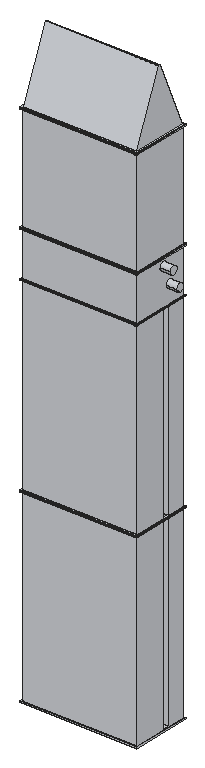
Revit family "19.Воздушная завеса с водяным нагревом PWZ на базе вентилятора WRP", category Оборудование, Revit 2016
Family settings
  Тип детали = Нормальный
  Размер круглого соединителя = Использовать диаметр
  На основе рабочей плоскости = Нет
  Всегда вертикально = Да
  При загрузке вырезать с полостями = Нет
  Общий = Нет
  Точка расчета площади = Нет
Parameters (values of type "60-30")
  х2 = И1 / 2  # 1000 mm
  х1 = х * 0.3  # 242.76 mm
  х = И2 * 0.7  # 809.2 mm
  ножки(да/нет) [instance] = no
  Ширина щели = 42 mm  # constant formula
  Ширина = А  # 600 mm
  Частотный преобразователь [instance] = no
  Частота вращения n, об/мин = ""
  Тип, марка, обозначение = "PWZ 60-30 W2"
  Сила тока J, А = "2.5"
  Регулятор расхода [instance] = no
  Раздел = "ОВ"
  Примечание = ""
  Позиция = ""
  Напряжение U,В = "3-380"
  Наименование и тех.хар-ка = "Воздушная завеса с водяным нагревом"  # constant formula
  Мощность двигателя N,Вт = "1100"
  Материал = Сталь серая
  Масса единицы = ""
  Макс. расход воздуха м3/ч = ""
  Макс. полное давление, Па = ""
  И2 = 1156 mm
  Код, оборудования = ""
  Ключевая пометка = "Вентиляция"
  И1 = 2000 mm
  Задание электрикам [instance] = no
  Задание автоматчикам [instance] = no
  Завод изготовитель = "KORF"  # constant formula
  Единица измерения = "шт."  # constant formula
  Высота = Б  # 300 mm
  Б1 = Б * 0.3  # 90 mm
  Б = 300 mm
  А = 600 mm
  d = И2 * 0.2  # 231.2 mm
  D = И2 * 0.3  # 346.8 mm
Types (6, lengths in mm): name | х1 | х | Ширина | Тип, марка, обозначение | Сила тока J, А | Мощность двигателя N,Вт | И2 | Высота | Б1 | Б | А | d | D
  60-30 | 242.76 | 809.2 | 600 | "PWZ 60-30 W2" | "2.5" | "1100" | 1156 | 300 | 90 | 300 | 600 | 231.2 | 346.8
  60-35 | 242.76 | 809.2 | 600 | "PWZ 60-35 W2" | "3,45" | "1500" | 1156 | 350 | 105 | 350 | 600 | 231.2 | 346.8
  70-40 M | 263.76 | 879.2 | 700 | "PWZ 70-40 M W2" | "3,45" | "1500" | 1256 | 400 | 120 | 400 | 700 | 251.2 | 376.8
  70-40 | 263.76 | 879.2 | 700 | "PWZ 70-40 W2" | "5.9" | "3" | 1256 | 400 | 120 | 400 | 700 | 251.2 | 376.8
  80-50 | 290.01 | 966.7 | 800 | "PWZ 80-50 W2" | "5.9" | "3000" | 1381 | 500 | 150 | 500 | 800 | 276.2 | 414.3
  90-50 | 296.94 | 989.8 | 900 | "PWZ 90-50 W2" | "10.7" | "5500" | 1414 | 500 | 150 | 500 | 900 | 282.8 | 424.2
Reference planes
  plane 1 "По центру (Вперед/Назад)": y = 0
  plane 2: z = 0
  plane 3 "По центру (Влево/Вправо)": x = 0
  plane 4: x = -300
  plane 5: x = 300
  plane 6: y = 150
  plane 7: y = -150
  plane 8: z = 2000
  plane 9: z = 3156
  plane 10: z = 2809.2
  plane 11: z = 1000
  plane 12: y = 60
  plane 13: y = 18
  plane 14: x = 260
  plane 15: x = -260
  plane 16: z = 2242.76
  plane 17: z = 2200
  plane 18: z = 2100
  plane 19: x = 360
  plane 20: x = 160
  plane 21: z = 2759.2
  plane 22: z = 2659.2
  plane 23: z = 2485.52
  plane 24: y = 200
Forms (mm)
  Extrusion 1, void, not visible
    sketch origin (-345, -245, 50) x (0, -1, 0) y (0, 0, -1)
      loop
        line (-477.965, -475) -> (-477.965, -450) -> (-528.913, -450) -> (-528.913, -475) -> (-477.965, -475)
    from -47.452 to 12
  Extrusion 2, solid
    sketch origin (0, 0, 0) x (1, 0, 0) y (0, 1, 0)
      loop
        line (-300, 150) -> (-300, -150) -> (300, -150) -> (300, 150) -> (-300, 150)
    from 1000 to 2000
  Extrusion 3, solid
    sketch origin (10, 0, 305.382) x (1, 0, 0) y (0, 0, 1)
      loop
        line (-310, 2503.818) -> (-310, 1937.378) -> (290, 1937.378) -> (290, 2503.818) -> (-310, 2503.818)
    from -150 to 150
  Extrusion 4, solid
    sketch origin (0, 0, 0) x (1, 0, 0) y (0, 0, 1)
      loop
        line (-300, 1000) -> (-300, 0) -> (300, 0) -> (300, 1000) -> (-300, 1000)
    from -150 to 150
  Extrusion 5, solid
    sketch origin (0, 0, 0) x (0, 1, 0) y (0, 0, 1)
      loop
        line (150, 2809.2) -> (3.883, 3156) -> (0, 3156) -> (-3.883, 3156) -> (-150, 2809.2) -> (150, 2809.2)
    from -300 to 300
  Sweep 6, solid
    path in 3D
      loop
        line (300, -150, 0) -> (300, 150, 0) -> (-300, 150, 0) -> (-300, -150, 0) -> (300, -150, 0)
    profile origin (0, -150, 0) x (0, -1, 0) y (0, 0, -1)
      loop
        line (0, 0) -> (0, -5) -> (10, -5) -> (10, 0) -> (0, 0)
  Sweep 7, solid
    path in 3D
      loop
        line (-300, -150, 1000) -> (-300, 150, 1000) -> (300, 150, 1000) -> (300, -150, 1000) -> (-300, -150, 1000)
    profile origin (0, -150, 1000) x (0, -1, 0) y (0, 0, 1)
      loop
        line (10, -5) -> (10, -1.078) -> (8.696, 0) -> (10, 1.304) -> (10, 5) -> (0, 5) -> (0, 0) -> (0, -5) -> (10, -5)
  Sweep 8, solid
    path in 3D
      loop
        line (300, -150, 2242.76) -> (300, 150, 2242.76) -> (-300, 150, 2242.76) -> (-300, -150, 2242.76) -> (300, -150, 2242.76)
    profile origin (0, -150, 2242.76) x (0, -1, 0) y (0, 0, -1)
      loop
        line (0, -5) -> (10, -5) -> (10, -1.61) -> (8.39, 0) -> (10, 1.61) -> (10, 5) -> (0, 5) -> (0, 0) -> (0, -5)
  Sweep 9, solid
    path in 3D
      loop
        line (-300, -150, 2809.2) -> (-300, 150, 2809.2) -> (300, 150, 2809.2) -> (300, -150, 2809.2) -> (-300, -150, 2809.2)
    profile origin (0, -150, 2809.2) x (0, 1, 0) y (0, 0, -1)
      loop
        line (0, 5) -> (-10, 5) -> (-10, 1.71) -> (-8.29, 0) -> (-10, -1.71) -> (-10, -5) -> (3.254, -5) -> (0, 0.01) -> (0, 5)
  Extrusion 10, void
    sketch origin (0, 0, 0) x (0, 1, 0) y (0, 0, 1)
      loop
        line (18, 2000) -> (18, 5) -> (60, 5) -> (60, 2000) -> (18, 2000)
    from 260 to 300
  Extrusion 11, void
    sketch origin (0, 0, 0) x (0, 1, 0) y (0, 0, -1)
      loop
        line (18, -2000) -> (60, -2000) -> (60, -5) -> (18, -5) -> (18, -2000)
    from 260 to 300
  Extrusion 12, solid
    sketch origin (0, 0, 0) x (1, 0, 0) y (0, 0, 1)
      loop
        line (-300, 2242.76) -> (-300, 2000) -> (300, 2000) -> (300, 2242.76) -> (-300, 2242.76)
    from -150 to 150
  Sweep 13, solid
    path in 3D
      loop
        line (-300, 150, 2000) -> (-300, -150, 2000) -> (300, -150, 2000) -> (300, 150, 2000) -> (-300, 150, 2000)
    profile origin (0, 150, 2000) x (0, 1, 0) y (0, 0, -1)
      loop
        line (0, -3.024) -> (10, -3.024) -> (10, -1.125) -> (9.212, 0) -> (10, 1.265) -> (10, 3.024) -> (0, 3.024) -> (0, 0) -> (0, -3.024)
  Extrusion 14, solid
    sketch origin (0, 0, 0) x (0, 1, 0) y (0, 0, 1)
      loop
        circle (18, 2200) r 20
      loop
        circle (60, 2100) r 20
    from 300 to 360
  Blend 15, solid
    base sketch origin (0, 0, 0) x (1, 0, 0) y (0, 0, 1)
      loop
        circle (0, 2485.52) r 173.4
    top sketch origin (0, 0, 0) x (1, 0, 0) y (0, 0, 1)
      loop
        circle (0, 2485.52) r 115.6
    from -150 to -200
  Extrusion 16, solid
    sketch origin (0, 0, 0) x (1, 0, 0) y (0, 0, 1)
      loop
        line (260, 2759.2) -> (160, 2759.2) -> (160, 2659.2) -> (260, 2659.2) -> (260, 2759.2)
    from -150 to -200
Cuts and joins
  joined: Extrusion 5, Sweep 9
  Extrusion 10, Extrusion 11 cuts Extrusion 4
  Extrusion 10, Extrusion 11 cuts Extrusion 2
  Extrusion 11 cuts Extrusion 3
  Extrusion 11 cuts Sweep 6
  Extrusion 11 cuts Sweep 7
  Extrusion 11 cuts Sweep 8
Lines and regions (mm)
  sketch lines
    curve 1: line (-300, -150, 0) -> (300, -150, 0)
    curve 2: line (300, -150, 0) -> (300, 150, 0)
    curve 3: line (300, 150, 0) -> (-300, 150, 0)
    curve 4: line (-300, -150, 0) -> (-300, 150, 0)
    curve 5: line (300, -150, 1000) -> (-300, -150, 1000)
    curve 6: line (300, -150, 1000) -> (300, 150, 1000)
    curve 7: line (-300, 150, 1000) -> (300, 150, 1000)
    curve 8: line (-300, -150, 1000) -> (-300, 150, 1000)
    curve 9: line (-300, -150, 2242.76) -> (300, -150, 2242.76)
    curve 10: line (300, -150, 2242.76) -> (300, 150, 2242.76)
    curve 11: line (300, 150, 2242.76) -> (-300, 150, 2242.76)
    curve 12: line (-300, -150, 2242.76) -> (-300, 150, 2242.76)
    curve 13: line (300, -150, 2809.2) -> (-300, -150, 2809.2)
    curve 14: line (300, -150, 2809.2) -> (300, 150, 2809.2)
    curve 15: line (300, 150, 2809.2) -> (-300, 150, 2809.2)
    curve 16: line (-300, 150, 2809.2) -> (-300, -150, 2809.2)
    curve 17: line (300, 150, 2000) -> (-300, 150, 2000)
    curve 18: line (-300, -150, 2000) -> (-300, 150, 2000)
    curve 19: line (-300, -150, 2000) -> (300, -150, 2000)
    curve 20: line (300, -150, 2000) -> (300, 150, 2000)
Dimensions and locks
  equal spacing: plane 6, plane 1 "По центру (Вперед/Назад)", plane 7
  "Б": plane 6 to plane 7
  equal spacing: plane 4, plane 3 "По центру (Влево/Вправо)", plane 5
  "А": plane 4 to plane 5
  "И1": plane 8 to level
  "И2": plane 9 to plane 8
  "х": plane 10 to plane 8
  "х2": plane 11 to level
  "Б1": plane 12 to plane 6
  "Ширина щели": plane 13 to plane 12
  locked: plane 4 to plane 15 at 40
  locked: plane 14 to plane 5 at 40
  "х1": plane 16 to plane 8
  locked: plane 18 to plane 8 at 100
  locked: plane 17 to plane 8 at 200
  locked: plane 19 to plane 14 at 100
  locked: plane 21 to plane 10 at 50
  locked: plane 22 to plane 10 at 150
  locked: plane 14 to plane 20 at 100
  "х1": plane 16 to plane 23
  locked: plane 6 to plane 24 at 50
  "D": diameter of Blend 15 sketch curve
  "d": diameter of Blend 15 sketch curve
  aligned and locked: level to plane 2
  aligned and locked: Extrusion 2 to plane 4
  aligned and locked: Extrusion 2 to plane 7
  aligned and locked: plane 5 to Extrusion 2
  aligned and locked: plane 6 to Extrusion 2
  aligned and locked: plane 8 to Extrusion 2
  aligned and locked: Extrusion 3 to plane 4
  aligned and locked: plane 5 to Extrusion 3
  aligned and locked: plane 10 to Extrusion 3
  aligned and locked: Extrusion 2 to Extrusion 3
  aligned and locked: Extrusion 3 to Extrusion 2
  aligned and locked: Extrusion 2 to plane 11
  aligned and locked: plane 5 to Extrusion 4
  aligned and locked: Extrusion 4 to plane 4
  aligned and locked: Extrusion 4 to level
  aligned and locked: plane 11 to Extrusion 4
  aligned and locked: Extrusion 4 to Extrusion 2  (x2)
  aligned and locked: Extrusion 5 to Extrusion 2  (x2)
  aligned and locked: Extrusion 2 to Extrusion 10  (x2)
  aligned and locked: plane 12 to Extrusion 10
  aligned and locked: plane 13 to Extrusion 10
  aligned and locked: Extrusion 10 to plane 14
  aligned and locked: plane 12 to Extrusion 11
  aligned and locked: plane 13 to Extrusion 11
  aligned and locked: Extrusion 2 to Extrusion 11
  aligned and locked: Extrusion 11 to cut or joined group of Sweep 6, Extrusion 11
  aligned and locked: Extrusion 10 to cut or joined group of Sweep 6, Extrusion 11
  aligned and locked: Extrusion 3 to plane 16
  aligned and locked: plane 15 to Extrusion 11
  aligned and locked: Extrusion 12 to plane 4
  aligned and locked: plane 5 to Extrusion 12
  aligned and locked: Extrusion 12 to plane 8
  aligned and locked: Extrusion 12 to cut or joined group of Extrusion 3, Extrusion 11
  aligned and locked: Extrusion 12 to plane 7
  aligned and locked: plane 6 to Extrusion 12
  aligned and locked: plane 19 to Extrusion 14
  aligned and locked: Extrusion 14 to plane 5
  aligned and locked: Extrusion 16 to plane 21
  aligned and locked: Extrusion 16 to plane 20
  aligned and locked: plane 22 to Extrusion 16
  aligned and locked: Extrusion 16 to plane 14
  aligned and locked: plane 24 to Extrusion 16
  aligned and locked: plane 24 to Blend 15
  aligned and locked: Blend 15 to plane 6
  aligned and locked: Extrusion 16 to plane 6
Automatic sketch dimensions
  Extrusion 2 sketch curve to plane 4 = 0 mm
  Extrusion 2 sketch curve to plane 5 = 0 mm
  Extrusion 2 sketch curve to plane 7 = 0 mm
  Extrusion 2 sketch curve to plane 6 = 0 mm
  plane 4 to Extrusion 3 sketch curve = 0 mm
  plane 5 to Extrusion 3 sketch curve = 0 mm
  plane 8 to Extrusion 3 sketch curve = 242.76 mm
  plane 10 to Extrusion 3 sketch curve = 0 mm
  Extrusion 4 sketch curve to level = 0 mm
  Extrusion 4 sketch curve to plane 4 = 0 mm
  Extrusion 4 sketch curve to plane 5 = 0 mm
  Extrusion 4 sketch curve to plane 11 = 0 mm
  Extrusion 5 sketch curve to plane 7 = 0 mm
  Extrusion 5 sketch curve to plane 9 = 0 mm
  Extrusion 5 sketch curve to plane 1 "По центру (Вперед/Назад)" = 0 mm
  Extrusion 5 sketch curve to plane 6 = 0 mm
  Extrusion 5 sketch curve to plane 10 = 0 mm
  plane 1 "По центру (Вперед/Назад)" to Extrusion 5 sketch curve = 3.883 mm
  Extrusion 5 sketch curve to plane 1 "По центру (Вперед/Назад)" = 3.883 mm
  Sweep 6 sketch curve to profile plane = 0 mm
  profile plane to Sweep 6 sketch curve = 0 mm
  Sweep 6 sketch curve to profile plane = 10 mm
  Sweep 6 sketch curve to profile plane = 5 mm
  Sweep 7 sketch curve to profile plane = 0 mm  (x3)
  Sweep 7 sketch curve to profile plane = 8.696 mm
  Sweep 7 sketch curve to Sweep 7 sketch curve = 1.304 mm  (x2)
  Sweep 7 sketch curve to profile plane = 1.078 mm
  Sweep 7 sketch curve to Sweep 7 sketch curve = 3.922 mm
  profile plane to Sweep 7 sketch curve = 1.304 mm
  profile plane to Sweep 7 sketch curve = 5 mm
  Sweep 8 sketch curve to profile plane = 0 mm
  profile plane to Sweep 8 sketch curve = 0 mm  (x2)
  Sweep 8 sketch curve to profile plane = 8.39 mm
  Sweep 8 sketch curve to Sweep 8 sketch curve = 1.61 mm  (x2)
  Sweep 8 sketch curve to profile plane = 1.61 mm
  Sweep 8 sketch curve to profile plane = 5 mm
  Sweep 8 sketch curve to Sweep 8 sketch curve = 3.39 mm
  profile plane to Sweep 9 sketch curve = 0 mm
  Sweep 9 sketch curve to profile plane = 0 mm
  profile plane to Sweep 9 sketch curve = 8.29 mm
  Sweep 9 sketch curve to Sweep 9 sketch curve = 1.71 mm  (x2)
  Sweep 9 sketch curve to profile plane = 3.254 mm
  Sweep 9 sketch curve to profile plane = 1.71 mm
  Sweep 9 sketch curve to profile plane = 5 mm
  profile plane to Sweep 9 sketch curve = 0.01 mm
  Sweep 9 sketch curve to Sweep 9 sketch curve = 4.99 mm
  level to Extrusion 10 sketch curve = 5 mm
  Extrusion 10 sketch curve to plane 13 = 0 mm
  Extrusion 10 sketch curve to plane 12 = 0 mm
  Extrusion 10 sketch curve to plane 8 = 0 mm
  level to Extrusion 11 sketch curve = 5 mm
  Extrusion 11 sketch curve to plane 13 = 0 mm
  Extrusion 11 sketch curve to plane 12 = 0 mm
  Extrusion 11 sketch curve to plane 8 = 0 mm
  Extrusion 12 sketch curve to plane 15 = 40 mm
  plane 14 to Extrusion 12 sketch curve = 40 mm
  plane 8 to Extrusion 12 sketch curve = 0 mm
  Extrusion 12 sketch curve to plane 16 = 0 mm
  Sweep 13 sketch curve to profile plane = 3.024 mm
  Sweep 13 sketch curve to Sweep 13 sketch curve = 10 mm
  Sweep 13 sketch curve to profile plane = 1.125 mm
  profile plane to Sweep 13 sketch curve = 3.024 mm
  profile plane to Sweep 13 sketch curve = 1.265 mm
  Sweep 13 sketch curve to Sweep 13 sketch curve = 0 mm
  Sweep 13 sketch curve to profile plane = 0 mm
  profile plane to Sweep 13 sketch curve = 0 mm  (x2)
  Sweep 13 sketch curve to Sweep 13 sketch curve = 0.788 mm
  Extrusion 14 sketch curve to plane 13 = 0 mm
  Extrusion 14 sketch curve to plane 12 = 0 mm
  Extrusion 14 sketch curve to plane 18 = 0 mm
  Extrusion 14 sketch curve to plane 17 = 0 mm
  plane 20 to Extrusion 16 sketch curve = 0 mm
  Extrusion 16 sketch curve to plane 14 = 0 mm
  Extrusion 16 sketch curve to plane 22 = 0 mm
  plane 21 to Extrusion 16 sketch curve = 0 mm
  Blend 15 sketch curve to plane 3 "По центру (Влево/Вправо)" = 0 mm  (x2)
  Blend 15 sketch curve to plane 23 = 0 mm  (x2)
  radius of Extrusion 14 sketch curve = 20 mm  (x2)
Nested families
  nested 1: "крепление 15мм" at (-330, 229.965, 495), type "крепление 15мм", not visible
Connectors
  hvac at (0, 0, 0), driven by "Ширина", driven by "Высота"
    settings: on Extrusion 4, index 1, duct flow 0.0 L/s, flow factor 0, pres drop 0.0 Pa, loss coef 0, conn angle 0.00°, conn width 600 mm, conn height 300 mm, conn diameter 609.6 mm, duct sys type 28, conn prof type 1, flow config 0, flow direction 0, loss method 0, conn ref index -1, conn util no, is conn primary yes, conn desc ""
  piping at (360, 18, 2200), diameter 40
    settings: on Extrusion 14, index 2, connector inside diameter 609.6 mm, connector length 0 mm, flow factor 0, pipe flow 0.0 L/s, pressure drop 0.0 Pa, fitting loss kfactor 0, connector angle 0.00°, fixture units 0, engagement length 0 mm, angle of deflection 0.00°, flow configuration 0, flow direction 0, fitting loss method 0, system type 28, joint type 0, gender type 0, connector reference index -1, connector utility 0, adjustable connector no, is connector primary yes, connector description ""
  piping at (360, 60, 2100), diameter 40
    settings: on Extrusion 14, index 3, connector inside diameter 609.6 mm, connector length 0 mm, flow factor 0, pipe flow 0.0 L/s, pressure drop 0.0 Pa, fitting loss kfactor 0, connector angle 0.00°, fixture units 0, engagement length 0 mm, angle of deflection 0.00°, flow configuration 0, flow direction 0, fitting loss method 0, system type 28, joint type 0, gender type 0, connector reference index -1, connector utility 0, adjustable connector no, is connector primary no, connector description ""
Definition of nested family "крепление 15мм"
  Parameters (values of type "крепление 15мм")
    Материал крепления = none
  Reference planes
    plane 1 "По центру (Вперед/Назад)": y = 0
    plane 2: z = 0
    plane 3 "По центру (Влево/Вправо)": x = 0
  Forms (mm)
    Extrusion 1, solid, material <- "Материал крепления"
      sketch origin (0, 0, 0) x (1, 0, 0) y (0, 1, 0)
        loop
          line (-25, 0) -> (0, 0) -> (0, 18.31) -> (0, 25) -> (-3, 25) -> (-3, 3) -> (-25, 3) -> (-25, 0)
      from 0 to 30
    Extrusion 2, void
      sketch origin (0, 0, 0) x (1, 0, 0) y (0, 1, 0)
        loop
          line (-3, 3) -> (-3, 54.96) -> (-58, 54.96) -> (-58, 3) -> (-3, 3)
      from 0 to 15
  Cuts and joins
    Extrusion 2 cuts Extrusion 1
  Dimensions and locks
    Extrusion 1 sketch curve to Extrusion 1 sketch curve = 3 mm  (x2)
    Extrusion 1 sketch curve to Extrusion 1 sketch curve to plane 3 "По центру (Влево/Вправо)" = 25 mm, 0 mm
    Extrusion 1 sketch curve to Extrusion 1 sketch curve = 25 mm
    aligned and locked: level to plane 2
